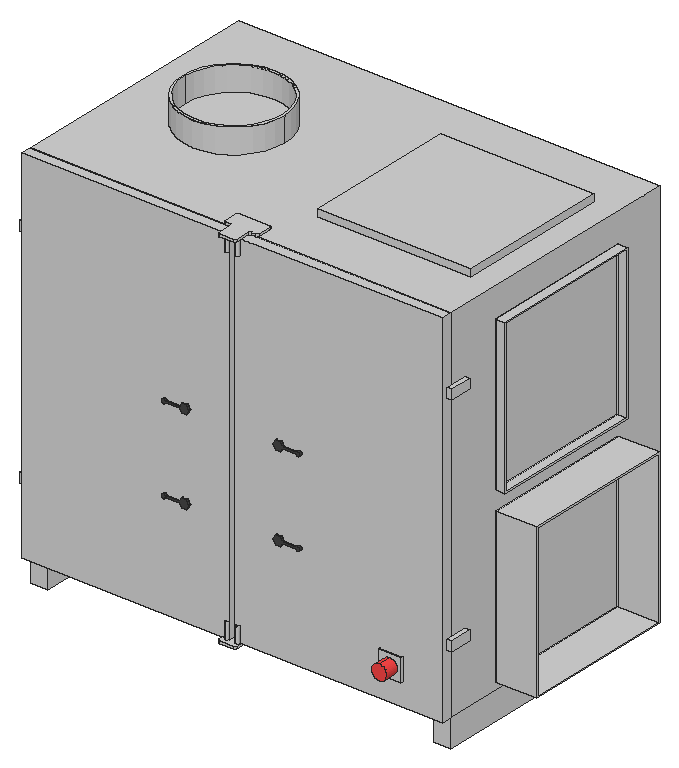
Revit family "Ventilator-RenewAire-Energy-Recovery-HE1.5XINV-Bypass", category Mechanical Equipment, Revit 2015
Parameters (values of type "1 HP 120V Single Phase")
  Voltage = "120"
  Ventilation Type = "Static Plate, Heat and Humidity Transfer"
  Upper Right Connector = yes
  Unit Width = "34-1/2\""
  Unit Weight = "362-504 lbs."
  Unit Length = "59-1/2\""
  Unit Height = "46-1/4\""
  Unit = Metal - RenewAire - Anodized - Gray Text
  URL = "www.renewaire.com"
  Typical Airflow Range = "375 - 1,575 CFM"
  Top Right Offset = if(Upper Right Connector, 2' 1", 1' 10 1/4")  # 2' - 1"
  Top Right Height = if(Upper Right Connector, 2' 0 1/2", 3' 9 7/8")  # 2' - 0 1/2"
  Top Right Connector = not(Upper Right Connector)  # no
  Top Right Angle = if(Upper Right Connector, 0.00°, 270.00°)  # 0.00°
  Standard Features = "Non-Fused Disconnect, 24VAC Transformer/Relay Package"
  Shipping Weight = "571 lbs."
  Service Area Visibility = no
  Service Area Box = Interference - RenewAire - Smooth - Light - Gold
  Revit Object Download Link = ""
  Phase = "Single"
  Options = "Qty. 2, ECM Motor (see HE1.5XINV EC Motor submittal) - 1.0 HP 120V/1Ph/60HZ, 1.0HP 208-230V/1Ph/60HZ, Integrated programmable controls, Fused disconnect, Double wall construction, Gravity backdraft dampers, Class 1 low leakage motorized isolation dampers – FA, EA or both airstreams, Qty. 2 Factory mounted filter alarms, Independent blower control, Exterior paint - white, custom colors, Bypass economizer (see bypass dimension drawing page) – dry bulb temperature controls(standard), enthalpy controls(option)"
  Optional Damper FA [instance] = yes
  Optional Damper EA [instance] = yes
  Number Motors = "Qty. 2, 1.0 HP ea., Direct drive standard motorized impeller packages"
  Model = "HE1.5XINV-Bypass"
  Minimum Circuit Amps = "14.6 A"
  Maximum Overcurrent Protection = "20 A"
  Max. Shipping Width = "47\""
  Max. Shipping Length = "70\""
  Max. Shipping Height = "59\""
  Manufacturer = "RenewAire LLC"
  Lower Right Connector = yes
  Lower Left Connector = yes
  Frequency = "60 HZ"
  FLA per Motor = "6.5"
  Description = "Energy Recovery Ventilator"
  Bottom Right Offset = if(Lower Right Connector, 2' 1", 0' 4 1/4")  # 2' - 1"
  Bottom Right Height = if(Lower Right Connector, 0' 4 1/4", 0' 3 1/4")  # 0' - 4 1/4"
  Bottom Right Connector = not(Lower Right Connector)  # no
  Bottom Right Angle = if(Lower Right Connector, 0.00°, 90.00°)  # 0.00°
  Bottom Left Offset = if(Lower Left Connector, 2' 1", 1' 10")  # 2' - 1"
  Bottom Left Height = if(Lower Left Connector, 1' 10 1/4", 0' 3")  # 1' - 10 1/4"
  Bottom Left Connector = not(Lower Left Connector)  # no
  Bottom Left Angle = if(Lower Left Connector, 180.00°, 270.00°)  # 180.00°
  Accessories = "Filters - MERV 13, 2\" (shipped loose), Backdraft Damper - OA or EA, Digital time clock - wall mount(TC7D-W), in exterior enclosure (TC7D-E), Motion occupancy control - ceiling mount(MC-C), wall mount(MC-W), Carbon dioxide control - wall mount (CO2-W), duct mount(CO2-D), Electric duct heater – EK series (1-60 KW), Indirect gas-fired duct furnace - GH Series (50-400 MBH), installed downstream of any fans"
  AHRI 1060 Certified Core = "One L62-G5 and one L125-G5"
Types (6): name | Voltage | Service Area Visibility | Phase | Minimum Circuit Amps | Maximum Overcurrent Protection | FLA per Motor
  (no name) | "120" | no | "Single" | "14.6 A" | "20 A" | "6.5"
  1 HP 120V Single Phase | "120" | no | "Single" | "14.6 A" | "20 A" | "6.5"
  1 HP 208-230V Single Phase | "208-230" | yes | "Single" | "7.7 A" | "15 A" | "3.3-3.4"
  1 HP 277V Single Phase | "277" | yes | "Single" | "6.1 A" | "15 A" | "2.7"
  1 HP 208-230V Three Phase | "208-230" | yes | "Three" | "5.0 A" | "15 A" | "2.2-2.2"
  1 HP 460V Three Phase | "460" | yes | "Three" | "2.5 A" | "15 A" | "1.1"
Reference planes (in)
  plane 1 "Center (Front/Back)": y = 0
  plane 2: z = 0
  plane 3 "Center (Left/Right)": x = 0
  plane 4 "MinServiceArea": y = -36.0625
Forms (in)
  Extrusion 1, solid, material "Metal - RenewAire - Anodized - Gray Text" <- "Unit"
    sketch origin (28, 0, 24.5625) x (0, 0, 1) y (0, 1, 0)
      loop
        line (-21.3125, 15.9375) -> (-21.3125, -14.6875) -> (21.3125, -14.6875) -> (21.3125, 15.9375) -> (-21.3125, 15.9375)
    from 3.25 to 52.75
  Extrusion 2, solid, material "Metal - RenewAire - Anodized - Gray Text" <- "Unit"
    sketch origin (0, 0, 0) x (1, 0, 0) y (0, 0, 1)
      loop
        line (-24.75, 3.25) -> (-24.75, 0) -> (-22.75, 0) -> (-22.75, 3.25) -> (-24.75, 3.25)
      loop
        line (24.75, 3.25) -> (22.75, 3.25) -> (22.75, 0) -> (24.75, 0) -> (24.75, 3.25)
    from -15.9375 to 14.6875
  Extrusion 3, solid, material "Metal - RenewAire - Anodized - Gray Text" <- "Unit"
    sketch origin (28, 0, 24.5625) x (0, 0, 1) y (-1, 0, 0)
      loop
        line (-21.3125, 52.75) -> (-21.3125, 28.25) -> (21.3125, 28.25) -> (21.3125, 52.75) -> (-21.3125, 52.75)
      loop
        line (-21.3125, 27.75) -> (-21.3125, 3.25) -> (21.3125, 3.25) -> (21.3125, 27.75) -> (-21.3125, 27.75)
    from 14.6875 to 15.9375
  Extrusion 4, solid, material "Interference - RenewAire - Smooth - Light - Gold" <- "Service Area Box", visible <- "Service Area Visibility"
    sketch origin (28, 0, 24.5625) x (0, 1, 0) y (-1, 0, 0)
      loop
        line (-15.9375, 52.75) -> (-40.4375, 52.75) -> (-40.4375, 3.25) -> (-15.9375, 3.25) -> (-15.9375, 52.75)
    from -21.3125 to 21.3125
  Extrusion 5, solid, material "Metal - RenewAire - Anodized - Gray Text" <- "Unit"
    sketch origin (28, 0, 24.5625) x (0, 0, 1) y (-1, 0, 0)
      loop
        line (-18.6875, 10.625) -> (-18.6875, 8) -> (-16.0625, 8) -> (-16.0625, 10.625) -> (-18.6875, 10.625)
    from 15.9375 to 16.15339
  Extrusion 6, solid, material "Plastic Red"
    sketch origin (28, 0, 24.5625) x (0, 0, 1) y (-1, 0, 0)
      loop
        circle (-17.375, 9.3125) r 0.875
    from 16.15339 to 17.6875
  Extrusion 7, solid, material "Metal - RenewAire - Anodized - Gray Text" <- "Unit"
    sketch origin (28, 0, 24.5625) x (0, 0, 1) y (0, 1, 0)
      loop
        line (-13.8125, -12.8125) -> (-13.8125, -15.4375) -> (-12.6875, -15.4375) -> (-12.6875, -12.8125) -> (-13.8125, -12.8125)
    from 52.75 to 53.375
  Extrusion 8, solid, material "Metal - RenewAire - Anodized - Gray Text" <- "Unit"
    sketch origin (28, 0, 51.0625) x (0, 0, 1) y (0, 1, 0)
      loop
        line (-13.8125, -12.8125) -> (-13.8125, -15.4375) -> (-12.6875, -15.4375) -> (-12.6875, -12.8125) -> (-13.8125, -12.8125)
    from 52.75 to 53.375
  Extrusion 9, solid, material "Metal - RenewAire - Anodized - Gray Text" <- "Unit"
    sketch origin (28, 0, 24.5625) x (0, 0, 1) y (0, 1, 0)
      loop
        line (-13.8125, -12.8125) -> (-13.8125, -15.4375) -> (-12.6875, -15.4375) -> (-12.6875, -12.8125) -> (-13.8125, -12.8125)
    from 2.625 to 3.25
  Extrusion 10, solid, material "Metal - RenewAire - Anodized - Gray Text" <- "Unit"
    sketch origin (28, 0, 51.0625) x (0, 0, 1) y (0, 1, 0)
      loop
        line (-13.8125, -12.8125) -> (-13.8125, -15.4375) -> (-12.6875, -15.4375) -> (-12.6875, -12.8125) -> (-13.8125, -12.8125)
    from 2.625 to 3.25
  Extrusion 11, solid, material "Metal - RenewAire - Anodized - Gray Text" <- "Unit"
    sketch origin (28, 0, 24.5625) x (0, 1, 0) y (-1, 0, 0)
      loop
        line (-12.9375, 30) -> (-14.4375, 30)
        arc (-14.4375, 30) -> (-14.61428, 29.92678) -> (-14.6875, 29.75) r 0.25
        line (-14.6875, 29.75) -> (-14.6875, 29.3125)
        arc (-14.6875, 29.3125) -> (-14.76072, 29.13572) -> (-14.9375, 29.0625) r 0.25
        line (-14.9375, 29.0625) -> (-16.5625, 29.0625)
        arc (-16.5625, 29.0625) -> (-16.73928, 28.98928) -> (-16.8125, 28.8125) r 0.25
        line (-16.8125, 28.8125) -> (-16.8125, 27.1875)
        arc (-16.8125, 27.1875) -> (-16.73928, 27.01072) -> (-16.5625, 26.9375) r 0.25
        line (-16.5625, 26.9375) -> (-14.9375, 26.9375)
        arc (-14.9375, 26.9375) -> (-14.76072, 26.86428) -> (-14.6875, 26.6875) r 0.25
        line (-14.6875, 26.6875) -> (-14.6875, 26.25)
        arc (-14.6875, 26.25) -> (-14.61428, 26.07322) -> (-14.4375, 26) r 0.25
        line (-14.4375, 26) -> (-12.9375, 26)
        arc (-12.9375, 26) -> (-12.76072, 26.07322) -> (-12.6875, 26.25) r 0.25
        line (-12.6875, 26.25) -> (-12.6875, 29.75)
        arc (-12.6875, 29.75) -> (-12.76072, 29.92678) -> (-12.9375, 30) r 0.25
    from -21.5625 to -21.3125
  Extrusion 12, solid, material "Metal - RenewAire - Anodized - Gray Text" <- "Unit"
    sketch origin (28, 0, 24.5625) x (0, 1, 0) y (-1, 0, 0)
      loop
        line (-12.9375, 30) -> (-14.4375, 30)
        arc (-14.4375, 30) -> (-14.61428, 29.92678) -> (-14.6875, 29.75) r 0.25
        line (-14.6875, 29.75) -> (-14.6875, 29.3125)
        arc (-14.6875, 29.3125) -> (-14.76072, 29.13572) -> (-14.9375, 29.0625) r 0.25
        line (-14.9375, 29.0625) -> (-16.5625, 29.0625)
        arc (-16.5625, 29.0625) -> (-16.73928, 28.98928) -> (-16.8125, 28.8125) r 0.25
        line (-16.8125, 28.8125) -> (-16.8125, 27.1875)
        arc (-16.8125, 27.1875) -> (-16.73928, 27.01072) -> (-16.5625, 26.9375) r 0.25
        line (-16.5625, 26.9375) -> (-14.9375, 26.9375)
        arc (-14.9375, 26.9375) -> (-14.76072, 26.86428) -> (-14.6875, 26.6875) r 0.25
        line (-14.6875, 26.6875) -> (-14.6875, 26.25)
        arc (-14.6875, 26.25) -> (-14.61428, 26.07322) -> (-14.4375, 26) r 0.25
        line (-14.4375, 26) -> (-12.9375, 26)
        arc (-12.9375, 26) -> (-12.76072, 26.07322) -> (-12.6875, 26.25) r 0.25
        line (-12.6875, 26.25) -> (-12.6875, 29.75)
        arc (-12.6875, 29.75) -> (-12.76072, 29.92678) -> (-12.9375, 30) r 0.25
    from 21.3125 to 21.5625
  Extrusion 13, solid, material "Metal - RenewAire - Anodized - Gray Text" <- "Unit"
    sketch origin (28, 0, 24.5625) x (0, 1, 0) y (-1, 0, 0)
      loop
        circle (-15.9375, 28.625) r 0.25
      loop
        circle (-15.9375, 27.375) r 0.25
    from -21.3125 to -19.5
  Extrusion 14, solid, material "Metal - RenewAire - Anodized - Gray Text" <- "Unit"
    sketch origin (28, 0, 24.5625) x (0, 1, 0) y (-1, 0, 0)
      loop
        circle (-15.9375, 28.625) r 0.25
      loop
        circle (-15.9375, 27.375) r 0.25
    from 19.5 to 21.3125
  Extrusion 15, solid, material "MonitorPorts"
    sketch origin (29.60669, 0, 25.19097) x (0, 0, 1) y (-1, 0, 0)
      loop
        line (-9.53348, 35.65895) -> (-9.94097, 35.42369) -> (-9.94097, 34.83769) -> (-9.43348, 34.54469) -> (-8.92599, 34.83769) -> (-8.92599, 35.42369) -> (-9.33348, 35.65895) -> (-9.33348, 37.28756)
        arc (-9.33348, 37.28756) -> (-9.43348, 37.76669) -> (-9.53348, 37.28756) r 0.25
        line (-9.53348, 37.28756) -> (-9.53348, 35.65895)
    from 15.9375 to 16.15339
  Extrusion 16, solid, material "MonitorPorts"
    sketch origin (29.60669, 0, 35.19097) x (0, 0, 1) y (-1, 0, 0)
      loop
        line (-9.53348, 35.65895) -> (-9.94097, 35.42369) -> (-9.94097, 34.83769) -> (-9.43348, 34.54469) -> (-8.92599, 34.83769) -> (-8.92599, 35.42369) -> (-9.33348, 35.65895) -> (-9.33348, 37.28756)
        arc (-9.33348, 37.28756) -> (-9.43348, 37.76669) -> (-9.53348, 37.28756) r 0.25
        line (-9.53348, 37.28756) -> (-9.53348, 35.65895)
    from 15.9375 to 16.15339
  Extrusion 17, solid, material "MonitorPorts"
    sketch origin (-29.60458, 0, 16.32401) x (0, 0, -1) y (1, 0, 0)
      loop
        line (-9.53348, 35.65895) -> (-9.94097, 35.42369) -> (-9.94097, 34.83769) -> (-9.43348, 34.54469) -> (-8.92599, 34.83769) -> (-8.92599, 35.42369) -> (-9.33348, 35.65895) -> (-9.33348, 37.28756)
        arc (-9.33348, 37.28756) -> (-9.43348, 37.76669) -> (-9.53348, 37.28756) r 0.25
        line (-9.53348, 37.28756) -> (-9.53348, 35.65895)
    from 15.9375 to 16.15339
  Extrusion 18, solid, material "MonitorPorts"
    sketch origin (-29.60458, 0, 6.32401) x (0, 0, -1) y (1, 0, 0)
      loop
        line (-9.53348, 35.65895) -> (-9.94097, 35.42369) -> (-9.94097, 34.83769) -> (-9.43348, 34.54469) -> (-8.92599, 34.83769) -> (-8.92599, 35.42369) -> (-9.33348, 35.65895) -> (-9.33348, 37.28756)
        arc (-9.33348, 37.28756) -> (-9.43348, 37.76669) -> (-9.53348, 37.28756) r 0.25
        line (-9.53348, 37.28756) -> (-9.53348, 35.65895)
    from 15.9375 to 16.15339
  Extrusion 19, solid, material "Metal - RenewAire - Anodized - Gray Text" <- "Unit", visible <- "Upper Right Connector"
    sketch origin (0, 0, 0) x (1, 0, 0) y (0, 1, 0)
      loop
        line (4, 9.6875) -> (4, -8.3125) -> (22, -8.3125) -> (22, 9.6875) -> (4, 9.6875)
    from 45.875 to 46.75
  Extrusion 20, solid, material "Metal - RenewAire - Anodized - Gray Text" <- "Unit", visible <- "Lower Right Connector"
    sketch origin (0, 0, 0) x (1, 0, 0) y (0, 1, 0)
      loop
        line (4, 9.6875) -> (4, -8.3125) -> (22, -8.3125) -> (22, 9.6875) -> (4, 9.6875)
    from 2.375 to 3.25
  Extrusion 21, solid, material "Metal - RenewAire - Anodized - Gray Text" <- "Unit", visible <- "Lower Left Connector"
    sketch origin (-26, 0, 0) x (1, 0, 0) y (0, 1, 0)
      loop
        line (4, 9.6875) -> (4, -8.3125) -> (22, -8.3125) -> (22, 9.6875) -> (4, 9.6875)
    from 2.375 to 3.25
  Extrusion 22, solid, material "Metal - RenewAire - Anodized - Gray Text", visible <- "Top Right Connector"
    sketch origin (0, 0, 0) x (1, 0, 0) y (0, 1, 0)
      loop
        line (4, 9.6875) -> (4, -8.3125) -> (22, -8.3125) -> (22, 9.6875) -> (4, 9.6875)
      loop
        line (4.125, 9.5625) -> (4.125, -8.1875) -> (21.875, -8.1875) -> (21.875, 9.5625) -> (4.125, 9.5625)
    from 45.875 to 47.125
  Extrusion 23, solid, material "Metal - RenewAire - Anodized - Gray Text", visible <- "Bottom Right Connector"
    sketch origin (0, 0, 0) x (1, 0, 0) y (0, 1, 0)
      loop
        line (4, 9.6875) -> (4, -8.3125) -> (22, -8.3125) -> (22, 9.6875) -> (4, 9.6875)
      loop
        line (4.125, 9.5625) -> (4.125, -8.1875) -> (21.875, -8.1875) -> (21.875, 9.5625) -> (4.125, 9.5625)
    from 2 to 3.25
  Extrusion 24, solid, material "Metal - RenewAire - Anodized - Gray Text", visible <- "Bottom Left Connector"
    sketch origin (-26, 0, 0) x (1, 0, 0) y (0, 1, 0)
      loop
        line (4, 9.6875) -> (4, -8.3125) -> (22, -8.3125) -> (22, 9.6875) -> (4, 9.6875)
      loop
        line (4.125, 9.5625) -> (4.125, -8.1875) -> (21.875, -8.1875) -> (21.875, 9.5625) -> (4.125, 9.5625)
    from 2 to 3.25
  Extrusion 25, solid, material "Metal - RenewAire - Anodized - Gray Text", visible <- "Bottom Left Connector"
    sketch origin (0, 0, -3.25) x (0, 1, 0) y (0, 0, 1)
      loop
        line (9.6875, 25.5) -> (-8.3125, 25.5) -> (-8.3125, 7.5) -> (9.6875, 7.5) -> (9.6875, 25.5)
    from -25.625 to -24.75
  Extrusion 26, solid, material "Metal - RenewAire - Anodized - Gray Text", visible <- "Bottom Right Connector"
    sketch origin (0, 0, -3.25) x (0, 1, 0) y (0, 0, 1)
      loop
        line (9.6875, 25.5) -> (-8.3125, 25.5) -> (-8.3125, 7.5) -> (9.6875, 7.5) -> (9.6875, 25.5)
    from 24.75 to 25.625
  Extrusion 27, solid, material "Metal - RenewAire - Anodized - Gray Text", visible <- "Top Right Connector"
    sketch origin (0, 0, 17) x (0, 1, 0) y (0, 0, 1)
      loop
        line (9.6875, 25.5) -> (-8.3125, 25.5) -> (-8.3125, 7.5) -> (9.6875, 7.5) -> (9.6875, 25.5)
    from 24.75 to 25.625
  Extrusion 28, solid, material "Metal - RenewAire - Anodized - Gray Text", visible <- "Lower Left Connector"
    sketch origin (0, 0, 0) x (0, 1, 0) y (0, 0, 1)
      loop
        line (9.6875, 22.25) -> (-8.3125, 22.25) -> (-8.3125, 4.25) -> (9.6875, 4.25) -> (9.6875, 22.25)
      loop
        line (9.5625, 22.125) -> (-8.1875, 22.125) -> (-8.1875, 4.375) -> (9.5625, 4.375) -> (9.5625, 22.125)
    from -26 to -24.75
  Extrusion 29, solid, material "Metal - RenewAire - Anodized - Gray Text", visible <- "Optional Damper EA"
    sketch origin (0, 0, 0) x (0, 1, 0) y (0, 0, 1)
      loop
        line (9.6875, 22.25) -> (-8.3125, 22.25) -> (-8.3125, 4.25) -> (9.6875, 4.25) -> (9.6875, 22.25)
      loop
        line (9.5625, 22.125) -> (-8.1875, 22.125) -> (-8.1875, 4.375) -> (9.5625, 4.375) -> (9.5625, 22.125)
    from 24.75 to 29.75
  Extrusion 30, solid, material "Metal - RenewAire - Anodized - Gray Text"
    sketch origin (0, 0, 20.125) x (0, 1, 0) y (0, 0, 1)
      loop
        line (9.6875, 22.25) -> (-8.3125, 22.25) -> (-8.3125, 4.25) -> (9.6875, 4.25) -> (9.6875, 22.25)
      loop
        line (9.5625, 22.125) -> (-8.1875, 22.125) -> (-8.1875, 4.375) -> (9.5625, 4.375) -> (9.5625, 22.125)
    from -26 to -24.75
  Extrusion 31, solid, material "Metal - RenewAire - Anodized - Gray Text", visible <- "Upper Right Connector"
    sketch origin (0, 0, 20.25) x (0, 1, 0) y (0, 0, 1)
      loop
        line (9.6875, 22.25) -> (-8.3125, 22.25) -> (-8.3125, 4.25) -> (9.6875, 4.25) -> (9.6875, 22.25)
      loop
        line (9.5625, 22.125) -> (-8.1875, 22.125) -> (-8.1875, 4.375) -> (9.5625, 4.375) -> (9.5625, 22.125)
    from 24.75 to 26
  Extrusion 32, solid, material "Metal - RenewAire - Anodized - Gray Text", visible <- "Optional Damper FA"
    sketch origin (0, 0, 0) x (0, 1, 0) y (0, 0, 1)
      loop
        line (9.6875, 22.25) -> (-8.3125, 22.25) -> (-8.3125, 4.25) -> (9.6875, 4.25) -> (9.6875, 22.25)
      loop
        line (9.5625, 22.125) -> (-8.1875, 22.125) -> (-8.1875, 4.375) -> (9.5625, 4.375) -> (9.5625, 22.125)
    from -29.75 to -24.75
  Extrusion 33, solid, material "Metal - RenewAire - Anodized - Gray Text" <- "Unit"
    sketch origin (0, 0, 0) x (1, 0, 0) y (0, 1, 0)
      loop
        circle (-13.125, 0.6875) r 6
      loop
        circle (-13.125, 0.6875) r 5.75
    from 45.875 to 48.75
Dimensions and locks (in)
  aligned and locked: level to plane 2
Nested families (in)
  nested 1: "Connector" at (0, 0.6875, 0), type "Lower Left Connector"
    with Offset 2' - 1", Base Height 1' - 10 1/4", A 180.00°
  nested 2: "Connector" at (-0.25, 0.6875, 0) x (-1, 0, 0) z (0, 0, 1), type "Lower Right Connector"
    with Offset 2' - 1", Base Height 0' - 4 1/4"
  nested 3: "Connector" at (-0.25, 0.6875, 0) x (-1, 0, 0) z (0, 0, 1), type "Upper Right Connector"
    with Offset 2' - 1", Base Height 2' - 0 1/2"
  nested 4: "Connector" at (0, 0.6875, 0), type "Upper Left Connector"
    with Offset 2' - 0 3/4", Base Height 2' - 0 3/8"
Connectors (in)
  hvac at (24.75, 0.6875, 33.5)
    settings: on nested 3, index 2, duct flow 0 CFM, flow factor 0, pres drop 0.00 in-wg, loss coef 0, conn angle 0.00°, conn width 18", conn height 18", conn diameter 24", duct sys type 4, conn prof type 1, flow config 0, flow direction 1, loss method 0, conn ref index -1, conn util no, is conn primary yes, conn desc "OA (Outside Air)"
  hvac at (24.75, 0.6875, 13.25)
    settings: on nested 2, index 3, duct flow 0 CFM, flow factor 0, pres drop 0.00 in-wg, loss coef 0, conn angle 0.00°, conn width 18", conn height 18", conn diameter 24", duct sys type 3, conn prof type 1, flow config 0, flow direction 2, loss method 0, conn ref index -1, conn util no, is conn primary no, conn desc "EA (Exhaust Air)"
  hvac at (-24.75, 0.6875, 13.25)
    settings: on nested 1, index 4, duct flow 0 CFM, flow factor 0, pres drop 0.00 in-wg, loss coef 0, conn angle 0.00°, conn width 18", conn height 18", conn diameter 24", duct sys type 1, conn prof type 1, flow config 0, flow direction 2, loss method 0, conn ref index -1, conn util no, is conn primary no, conn desc "FA (Fresh Air)"
  hvac at (-25, 0.6875, 33.375)
    settings: on nested 4, index 5, duct flow 0 CFM, flow factor 0, pres drop 0.00 in-wg, loss coef 0, conn angle 0.00°, conn width 18", conn height 18", conn diameter 24", duct sys type 2, conn prof type 1, flow config 0, flow direction 1, loss method 0, conn ref index -1, conn util no, is conn primary no, conn desc "RA (Return Air)"
  hvac at (-13.125, 0.6875, 45.875)
    settings: on Extrusion 33, index 6, duct flow 0 CFM, flow factor 0, pres drop 0.00 in-wg, loss coef 0, conn angle 0.00°, conn width 12", conn height 12", conn diameter 12", duct sys type 3, conn prof type 0, flow config 0, flow direction 2, loss method 0, conn ref index -1, conn util no, is conn primary no, conn desc "BP (Bypass Air)"
Definition of nested family "Connector"
  Parameters
    Width = 1' - 6"
    Unit = none
    Offset = 0' - 0"
    Height = 1' - 6"
    Base Height = 0' - 6"
    A = 0.00°
  Reference planes (in)
    plane 1 "Center (Front/Back)": y = 0
    plane 2: z = 0
    plane 3 "Center (Left/Right)": x = 0
  Forms (in)
    Extrusion 1, solid, material <- "Unit"
      sketch origin (0, 0, 24) x (0, 0, -1) y (1, 0, 0)
        loop
          line (0, 0) -> (0, -0.25) -> (18, -0.25) -> (18, 0) -> (0, 0)
      from -9 to 9
  Lines and regions (in)
    reference lines
      curve 1: line (0, 0, 24) -> (0, 0, 6)
  Dimensions and locks (in)
    "Base Height": curve 1 to plane 2
    "Height": curve 1 to curve 1
    locked: curve 1 to Extrusion 1 sketch curve at 0.25
    equal spacing: Extrusion 1, curve 1, Extrusion 1
    "Width": Extrusion 1 to Extrusion 1
    "Offset": plane 3 "Center (Left/Right)" to curve 1
    "A": angle plane 3 "Center (Left/Right)" to curve 1
    aligned and locked: plane 2 to level
    aligned and locked: Extrusion 1 sketch curve to curve 1  (x3)
